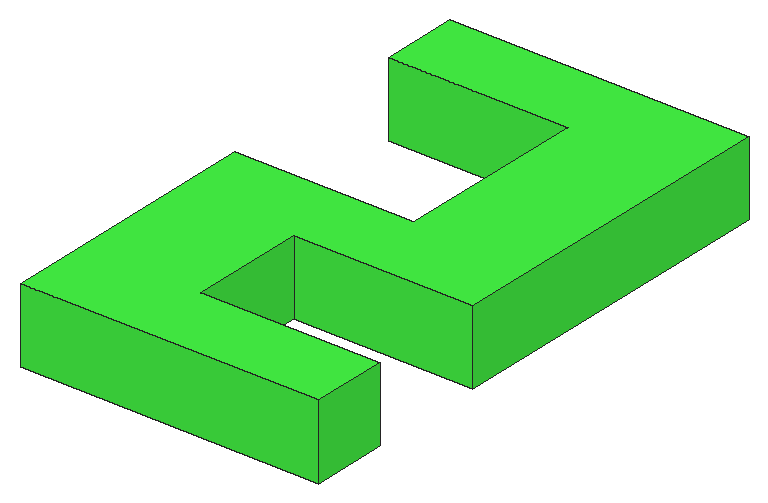
Revit family "Семейство2", category Обобщенные модели, Revit 2022
Family settings
  Может служить основой для арматурных стержней = Нет
  Размер круглого соединителя = Использовать диаметр
  Тип детали = Нормальный
  На основе рабочей плоскости = Нет
  Всегда вертикально = Да
  При загрузке вырезать с полостями = Нет
  Сохранять ориентацию аннотаций = Нет
  Общий = Нет
  Точка принадлежности помещению = Нет
Parameters
  Отметка по умолчанию = 0 mm
Reference planes
  plane 1 "По центру (Вперед/Назад)": y = 0
  plane 2: z = 0
  plane 3 "По центру (Влево/Вправо)": x = 0
Forms (mm)
  Extrusion 1, solid, material "Новый материал 2"
    sketch origin (270, -55.402, 0) x (1, 0, 0) y (0, 1, 0)
      loop
        line (-169.725, -75.893) -> (230, -75.893) -> (230, 955.402) -> (-169.725, 955.402) -> (-169.725, -75.893)
    from 0 to 250
  Extrusion 2, solid, material "Новый материал 2"
    sketch origin (-460, -244.8, 0) x (1, 0, 0) y (0, 1, 0)
      loop
        line (-40, 888.305) -> (960, 888.305) -> (960, 1144.8) -> (-40, 1144.8) -> (-40, 888.305)
    from 0 to 250
  Extrusion 3, solid, material "Новый материал 2"
    sketch origin (-464.8, -1020.6, 0) x (1, 0, 0) y (0, 1, 0)
      loop
        line (-35.2, 764.6) -> (964.8, 764.6) -> (964.8, 1019.6) -> (-35.2, 1019.6) -> (-35.2, 764.6)
    from 0 to 250
  Extrusion 4, solid, material "Новый материал 2"
    sketch origin (-464.8, -1789.6, 0) x (1, 0, 0) y (0, 1, 0)
      loop
        line (-35.2, 888.305) -> (964.8, 888.305) -> (964.8, 1144.8) -> (-35.2, 1144.8) -> (-35.2, 888.305)
    from 0 to 250
  Extrusion 5, solid, material "Новый материал 2"
    sketch origin (-329.8, -820.202, 0) x (1, 0, 0) y (0, 1, 0)
      loop
        line (-170.2, -81.093) -> (230, -81.093) -> (230, 819.202) -> (-170.2, 819.202) -> (-170.2, -81.093)
    from 0 to 250
Cuts and joins
  joined: Extrusion 1, Extrusion 2, Extrusion 3, Extrusion 4, Extrusion 5
Dimensions and locks
  plane 3 "По центру (Влево/Вправо)" to Extrusion 1 to Extrusion 1 = 100.275 mm, 399.725 mm
  Extrusion 1 to plane 1 "По центру (Вперед/Назад)" to Extrusion 1 = 900 mm, 131.295 mm
  Extrusion 2 to Extrusion 2 = 1000 mm
  Extrusion 2 to Extrusion 2 = 256.495 mm
  cut or joined group of Extrusion 1, Extrusion 2, Extrusion 3, Extrusion 4, Extrusion 5 to cut or joined group of Extrusion 1, Extrusion 2, Extrusion 3, Extrusion 4, Extrusion 5 = 250 mm
  cut or joined group of Extrusion 1, Extrusion 2, Extrusion 3, Extrusion 4, Extrusion 5 to plane 3 "По центру (Влево/Вправо)" to cut or joined group of Extrusion 1, Extrusion 2, Extrusion 3, Extrusion 4, Extrusion 5 = 500 mm, 500 mm
  cut or joined group of Extrusion 1, Extrusion 2, Extrusion 3, Extrusion 4, Extrusion 5 to cut or joined group of Extrusion 1, Extrusion 2, Extrusion 3, Extrusion 4, Extrusion 5 = 256.495 mm
  aligned and locked: level to plane 2
